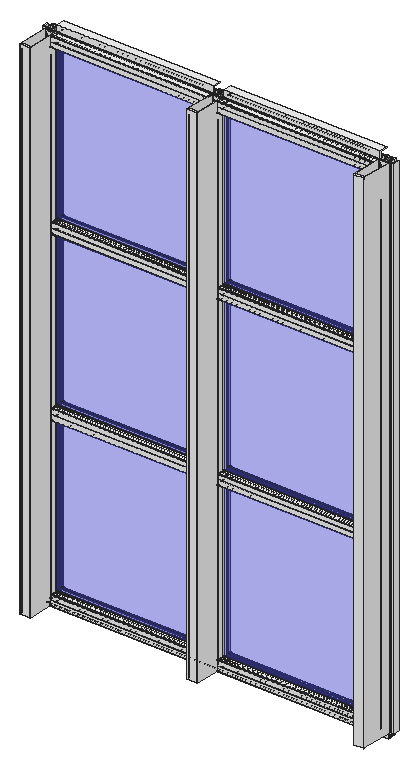
Revit family "Facade_60_Curtain_Wall_E23_Custom", category Windows, host Wall, Revit 2014 (continued)
Definition of nested family "F60 Horizontal Profile Middle_E23_Cust"
  Forms (mm)
    Extrusion 5, solid, material <- "Thermal Break Material", visible <- "Single Glazing"
      sketch origin (0, 0, 0) x (0, 1, 0) y (0, 0, 1)
        loop
          line (-47.528, 31.351) -> (-49.599, 32.353) -> (-59.3, 32.353) -> (-59.3, 34.251)
          arc (-59.3, 34.251) -> (-59.446, 34.604) -> (-59.8, 34.751) r 0.5
          line (-59.8, 34.751) -> (-63.3, 34.751)
          arc (-63.3, 34.751) -> (-63.654, 34.604) -> (-63.8, 34.251) r 0.5
          line (-63.8, 34.251) -> (-63.8, 32.328) -> (-62.4, 31.52) -> (-62.4, 28.483) -> (-63.8, 27.673) -> (-63.8, 25.751)
        loop
          line (-59.794, 28.506) -> (-59.006, 29.294)
          arc (-59.006, 29.294) -> (-58.788, 29.618) -> (-58.713, 30.001) r 0.986
          arc (-58.713, 30.001) -> (-58.79, 30.384) -> (-59.008, 30.71) r 1.007
          line (-59.008, 30.71) -> (-59.794, 31.496) -> (-60.65, 31.496)
          arc (-60.65, 31.496) -> (-61.004, 31.349) -> (-61.15, 30.996) r 0.5
          line (-61.15, 30.996) -> (-61.15, 29.006)
          arc (-61.15, 29.006) -> (-61.004, 28.652) -> (-60.65, 28.506) r 0.5
          line (-60.65, 28.506) -> (-59.794, 28.506)
        loop
          line (-47.854, 30.898) -> (-49.415, 31.653) -> (-56.782, 31.653)
          arc (-56.782, 31.653) -> (-57.207, 31.417) -> (-57.23, 30.932) r 0.5
          arc (-57.23, 30.932) -> (-57.013, 30.001) -> (-57.23, 29.07) r 2.099
          arc (-57.23, 29.07) -> (-57.207, 28.584) -> (-56.782, 28.348) r 0.5
          line (-56.782, 28.348) -> (-49.415, 28.348) -> (-48.055, 29.007)
          arc (-48.055, 29.007) -> (-47.35, 29.888) -> (-47.854, 30.898) r 1.047
      from 0 to 250 <- "Length"
    Extrusion 6, solid, material <- "Profile Material", visible <- "Single Glazing"
      sketch origin (0, 0, 0) x (0, 1, 0) y (0, 0, 1)
        loop
          line (-63.8, 52.694) -> (-64.8, 52.694) -> (-64.8, 51.544) -> (-66.05, 51.544) -> (-66.05, 57.044) -> (-64.8, 57.044) -> (-64.8, 55.894) -> (-63.8, 55.894) -> (-63.8, 58.294)
          arc (-63.8, 58.294) -> (-64.082, 58.803) -> (-64.664, 58.835) r 0.6
          line (-64.664, 58.835) -> (-66.562, 57.91) -> (-67.088, 58.988) -> (-68.05, 58.519) -> (-68.05, 48.513)
          arc (-68.05, 48.513) -> (-67.874, 48.089) -> (-67.45, 47.913) r 0.6
          line (-67.45, 47.913) -> (-66.6, 47.913) -> (-66.6, 12.09) -> (-67.45, 12.09)
          arc (-67.45, 12.09) -> (-67.874, 11.914) -> (-68.05, 11.49) r 0.6
          line (-68.05, 11.49) -> (-68.05, 1.485) -> (-67.088, 1.016) -> (-66.562, 2.095) -> (-64.663, 1.169)
          arc (-64.663, 1.169) -> (-64.082, 1.2) -> (-63.8, 1.709) r 0.6
          line (-63.8, 1.709) -> (-63.8, 4.109) -> (-64.8, 4.109) -> (-64.8, 2.959) -> (-66.05, 2.959) -> (-66.05, 8.459) -> (-64.8, 8.459) -> (-64.8, 7.309) -> (-63.8, 7.309) -> (-63.8, 27.674) -> (-62.4, 28.483) -> (-62.4, 31.521) -> (-63.8, 32.329) -> (-63.8, 52.694)
      from 0 to 250 <- "Length"
    Extrusion 7, solid, material <- "Profile Material", visible <- "Single Glazing"
      sketch origin (0, 0, 0) x (0, 1, 0) y (0, 0, 1)
        loop
          line (-68.551, 3.3) -> (-76.559, 3.3) -> (-76.559, 30) -> (-76.559, 56.15)
          arc (-76.559, 56.15) -> (-75.739, 58.13) -> (-73.759, 58.95) r 2.8
          line (-73.759, 58.95) -> (-69.151, 58.95) -> (-69.151, 57.2)
          arc (-69.151, 57.2) -> (-68.987, 56.829) -> (-68.601, 56.703) r 0.5
          arc (-68.601, 56.703) -> (-68.216, 56.829) -> (-68.051, 57.2) r 0.5
          line (-68.051, 57.2) -> (-68.051, 58.517) -> (-67.089, 58.986) -> (-66.563, 57.907) -> (-63.866, 59.222)
          arc (-63.866, 59.222) -> (-64.001, 59.762) -> (-64.504, 60) r 0.65
          line (-64.504, 60) -> (-73.859, 60)
          arc (-73.859, 60) -> (-76.687, 58.828) -> (-77.859, 56) r 4
          line (-77.859, 56) -> (-77.859, 30) -> (-77.859, 2.493)
          arc (-77.859, 2.493) -> (-77.197, 0.799) -> (-75.562, 0.002) r 2.5
          arc (-75.562, 0.002) -> (-75.182, 0.132) -> (-75.021, 0.5) r 0.5
          line (-75.021, 0.5) -> (-75.021, 2) -> (-69.151, 2) -> (-69.151, 0.5)
          arc (-69.151, 0.5) -> (-69.005, 0.146) -> (-68.651, 0) r 0.5
          line (-68.651, 0) -> (-64.504, 0)
          arc (-64.504, 0) -> (-64.001, 0.238) -> (-63.866, 0.778) r 0.65
          line (-63.866, 0.778) -> (-66.563, 2.093) -> (-67.089, 1.014) -> (-68.051, 1.483) -> (-68.051, 2.8)
          arc (-68.051, 2.8) -> (-68.198, 3.154) -> (-68.551, 3.3) r 0.5
      from 0 to 250 <- "Length"
    Extrusion 8, solid, material <- "Thermal Break Material", visible <- "Double Glazing"
      sketch origin (0, 0, 0) x (0, 1, 0) y (0, 0, 1)
        loop
          line (-77.8, 27.673) -> (-77.8, 25.751)
          arc (-77.8, 25.751) -> (-77.654, 25.397) -> (-77.3, 25.251) r 0.5
          line (-77.3, 25.251) -> (-59.8, 25.251)
          arc (-59.8, 25.251) -> (-59.446, 25.397) -> (-59.3, 25.751) r 0.5
          line (-59.3, 25.751) -> (-59.3, 27.647) -> (-49.599, 27.647) -> (-47.528, 28.649)
          arc (-47.528, 28.649) -> (-46.803, 29.999) -> (-47.528, 31.349) r 1.62
          line (-47.528, 31.349) -> (-49.602, 32.353) -> (-59.3, 32.353) -> (-59.3, 34.251)
          arc (-59.3, 34.251) -> (-59.446, 34.604) -> (-59.8, 34.751) r 0.5
          line (-59.8, 34.751) -> (-77.3, 34.751)
          arc (-77.3, 34.751) -> (-77.654, 34.604) -> (-77.8, 34.251) r 0.5
          line (-77.8, 34.251) -> (-77.8, 32.327) -> (-76.4, 31.52) -> (-76.4, 28.482) -> (-77.8, 27.673)
        loop
          line (-59.006, 30.708) -> (-61.156, 32.858)
          arc (-61.156, 32.858) -> (-61.48, 33.074) -> (-61.863, 33.151) r 1
          line (-61.863, 33.151) -> (-73.8, 33.151)
          arc (-73.8, 33.151) -> (-74.507, 32.858) -> (-74.8, 32.151) r 1
          line (-74.8, 32.151) -> (-74.8, 27.851)
          arc (-74.8, 27.851) -> (-74.507, 27.144) -> (-73.8, 26.851) r 1
          line (-73.8, 26.851) -> (-61.863, 26.851)
          arc (-61.863, 26.851) -> (-61.48, 26.927) -> (-61.156, 27.144) r 1
          line (-61.156, 27.144) -> (-59.006, 29.294)
          arc (-59.006, 29.294) -> (-58.788, 29.618) -> (-58.713, 30.001) r 0.986
          arc (-58.713, 30.001) -> (-58.79, 30.383) -> (-59.006, 30.708) r 1.007
        loop
          line (-56.782, 28.347) -> (-49.415, 28.347) -> (-48.055, 29.005)
          arc (-48.055, 29.005) -> (-47.35, 29.887) -> (-47.854, 30.896) r 1.047
          line (-47.854, 30.896) -> (-49.415, 31.652) -> (-56.782, 31.652)
          arc (-56.782, 31.652) -> (-57.207, 31.416) -> (-57.23, 30.93) r 0.5
          arc (-57.23, 30.93) -> (-57.013, 29.999) -> (-57.23, 29.068) r 2.099
          arc (-57.23, 29.068) -> (-57.207, 28.583) -> (-56.782, 28.347) r 0.5
      from 0 to 250 <- "Length"
    Extrusion 9, solid, material <- "Profile Material", visible <- "Double Glazing"
      sketch origin (0, 0, 0) x (0, 1, 0) y (0, 0, 1)
        loop
          line (-77.8, 52.694) -> (-78.8, 52.694) -> (-78.8, 51.544) -> (-80.05, 51.544) -> (-80.05, 57.044) -> (-78.8, 57.044) -> (-78.8, 55.894) -> (-77.8, 55.894) -> (-77.8, 58.294)
          arc (-77.8, 58.294) -> (-78.082, 58.802) -> (-78.664, 58.834) r 0.6
          line (-78.664, 58.834) -> (-80.562, 57.909) -> (-81.088, 58.988) -> (-82.05, 58.518) -> (-82.05, 48.512)
          arc (-82.05, 48.512) -> (-81.874, 48.088) -> (-81.45, 47.912) r 0.6
          line (-81.45, 47.912) -> (-80.6, 47.912) -> (-80.6, 12.089) -> (-81.45, 12.089)
          arc (-81.45, 12.089) -> (-81.874, 11.913) -> (-82.05, 11.489) r 0.6
          line (-82.05, 11.489) -> (-82.05, 1.484) -> (-81.088, 1.015) -> (-80.562, 2.094) -> (-78.663, 1.169)
          arc (-78.663, 1.169) -> (-78.082, 1.199) -> (-77.8, 1.708) r 0.6
          line (-77.8, 1.708) -> (-77.8, 4.108) -> (-78.8, 4.108) -> (-78.8, 2.958) -> (-80.05, 2.958) -> (-80.05, 8.458) -> (-78.8, 8.458) -> (-78.8, 7.308) -> (-77.8, 7.308) -> (-77.8, 27.673) -> (-76.4, 28.482) -> (-76.4, 31.52) -> (-77.8, 32.328) -> (-77.8, 52.694)
      from 0 to 250 <- "Length"
    Extrusion 10, solid, material <- "Profile Material", visible <- "Double Glazing"
      sketch origin (0, 0, 0) x (0, 1, 0) y (0, 0, 1)
        loop
          line (-82.551, 3.3) -> (-90.558, 3.3) -> (-90.558, 30) -> (-90.558, 56.15)
          arc (-90.558, 56.15) -> (-89.738, 58.13) -> (-87.758, 58.95) r 2.8
          line (-87.758, 58.95) -> (-83.151, 58.95) -> (-83.151, 57.2)
          arc (-83.151, 57.2) -> (-82.986, 56.829) -> (-82.601, 56.703) r 0.5
          arc (-82.601, 56.703) -> (-82.215, 56.829) -> (-82.051, 57.2) r 0.5
          line (-82.051, 57.2) -> (-82.051, 58.517) -> (-81.088, 58.986) -> (-80.563, 57.907) -> (-77.866, 59.222)
          arc (-77.866, 59.222) -> (-78, 59.762) -> (-78.503, 60) r 0.65
          line (-78.503, 60) -> (-87.858, 60)
          arc (-87.858, 60) -> (-90.687, 58.828) -> (-91.858, 56) r 4
          line (-91.858, 56) -> (-91.858, 30) -> (-91.858, 2.493)
          arc (-91.858, 2.493) -> (-91.196, 0.799) -> (-89.561, 0.002) r 2.5
          arc (-89.561, 0.002) -> (-89.182, 0.132) -> (-89.021, 0.5) r 0.5
          line (-89.021, 0.5) -> (-89.021, 2) -> (-83.151, 2) -> (-83.151, 0.5)
          arc (-83.151, 0.5) -> (-83.004, 0.146) -> (-82.651, 0) r 0.5
          line (-82.651, 0) -> (-78.503, 0)
          arc (-78.503, 0) -> (-78, 0.238) -> (-77.866, 0.778) r 0.65
          line (-77.866, 0.778) -> (-80.563, 2.093) -> (-81.088, 1.014) -> (-82.051, 1.483) -> (-82.051, 2.8)
          arc (-82.051, 2.8) -> (-82.197, 3.154) -> (-82.551, 3.3) r 0.5
      from 0 to 250 <- "Length"
  Dimensions and locks
    aligned and locked: level to plane 2
